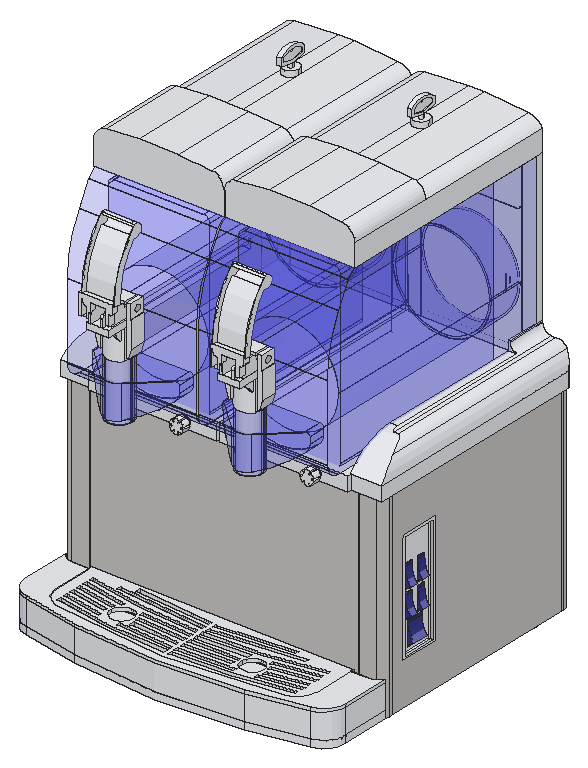
Revit family "QF_ELECTROLUXPROFESSIONAL_560101_SP2NewUV", category Specialty Equipment, Revit 2018 (continued)
Lines and regions (mm)
  symbolic lines
    curve 11: arc (-117.634, -221.255, 14) -> (0, -230, 14) -> (117.634, -221.255, 14) r 795.559
    curve 12: line (2.783, -161.117, 14) -> (2.783, -167.117, 14)
    curve 13: line (2.783, -172.117, 14) -> (2.783, -178.117, 14)
    curve 14: line (2.783, -183.117, 14) -> (2.783, -189.117, 14)
    curve 15: line (2.783, -194.117, 14) -> (2.783, -200.117, 14)
    curve 16: line (2.783, -205.117, 14) -> (2.783, -211.117, 14)
    curve 17: arc (2.783, -211.117, 14) -> (35.925, -210.286, 14) -> (69, -208.033, 14) r 772.106
    curve 18: arc (164.485, -187.256, 14) -> (137.825, -192.623, 14) -> (110.991, -197.04, 14) r 766.106
    curve 19: arc (2.783, -200.117, 14) -> (35.926, -199.274, 14) -> (69, -196.988, 14) r 761.106
    curve 20: arc (69, -190.963, 14) -> (35.926, -193.267, 14) -> (2.783, -194.117, 14) r 755.106
    curve 21: arc (2.783, -189.117, 14) -> (35.228, -188.295, 14) -> (67.608, -186.069, 14) r 750.106
    curve 22: arc (62.063, -180.53, 14) -> (32.449, -182.414, 14) -> (2.783, -183.117, 14) r 744.106
    curve 23: arc (2.783, -178.117, 14) -> (30.123, -177.508, 14) -> (57.422, -175.888, 14) r 739.106
    curve 24: arc (51.822, -170.288, 14) -> (27.318, -171.613, 14) -> (2.783, -172.117, 14) r 733.106
    curve 25: arc (2.783, -167.117, 14) -> (24.968, -166.694, 14) -> (47.129, -165.595, 14) r 728.106
    curve 26: arc (41.464, -159.931, 14) -> (22.132, -160.783, 14) -> (2.783, -161.117, 14) r 722.106
    curve 27: arc (2.783, -156.117, 14) -> (19.755, -155.85, 14) -> (36.715, -155.182, 14) r 717.106
    curve 28: line (164.485, -193.398, 14) -> (164.485, -187.256, 14)
    curve 29: line (164.485, -182.136, 14) -> (164.485, -175.99, 14)
    curve 30: line (164.485, -170.866, 14) -> (164.485, -164.715, 14)
    curve 31: line (164.485, -159.587, 14) -> (164.485, -153.432, 14)
    curve 32: arc (164.485, -153.432, 14) -> (152.163, -156.157, 14) -> (139.797, -158.67, 14) r 733.106
    curve 33: arc (164.485, -164.715, 14) -> (145.534, -168.752, 14) -> (126.484, -172.294, 14) r 744.106
    curve 34: arc (164.485, -175.99, 14) -> (138.736, -181.268, 14) -> (112.82, -185.647, 14) r 755.106
    curve 35: arc (132.277, -166.189, 14) -> (148.418, -163.067, 14) -> (164.485, -159.587, 14) r 739.106
    curve 36: arc (118.814, -179.653, 14) -> (141.717, -175.613, 14) -> (164.485, -170.866, 14) r 750.106
    curve 37: arc (111, -191.985, 14) -> (137.83, -187.538, 14) -> (164.485, -182.136, 14) r 761.106
    curve 38: arc (69, -202.009, 14) -> (35.925, -204.28, 14) -> (2.783, -205.117, 14) r 766.106
    curve 39: arc (111.004, -203.101, 14) -> (137.83, -198.721, 14) -> (164.485, -193.398, 14) r 772.106
    curve 40: line (97.267, -160.486, 14) -> (97.267, -153, 14)
    curve 41: line (82.733, -160.486, 14) -> (82.733, -153, 14)
    curve 42: arc (105.17, -170.997, 14) -> (90.017, -158.677, 14) -> (74.837, -170.964, 14) r 15.5
    curve 43: line (-7, -121.793, 14) -> (9.534, -121.793, 14)
    curve 44: line (-7, -137.647, 14) -> (9.534, -137.647, 14)
    curve 45: line (2.783, -161.117, 14) -> (2.783, -113, 14)
    curve 46: line (-180.657, -118, 14) -> (-180.657, -174.118, 14)
    curve 47: arc (-180.657, -174.118, 14) -> (-173.912, -193.071, 14) -> (-156.71, -203.501, 14) r 30
    curve 48: line (-2.783, -161.117, 14) -> (-2.783, -167.117, 14)
    curve 49: line (-2.783, -172.117, 14) -> (-2.783, -178.117, 14)
    curve 50: line (-2.783, -183.117, 14) -> (-2.783, -189.117, 14)
    curve 51: line (-2.783, -194.117, 14) -> (-2.783, -200.117, 14)
    curve 52: line (-2.783, -205.117, 14) -> (-2.783, -211.117, 14)
    curve 53: arc (-2.783, -211.117, 14) -> (-35.925, -210.286, 14) -> (-69, -208.033, 14) r 772.106
    curve 54: arc (-164.485, -187.256, 14) -> (-137.825, -192.623, 14) -> (-110.991, -197.04, 14) r 766.106
    curve 55: arc (-2.783, -200.117, 14) -> (-35.926, -199.274, 14) -> (-69, -196.988, 14) r 761.106
    curve 56: arc (-69, -190.963, 14) -> (-35.926, -193.267, 14) -> (-2.783, -194.117, 14) r 755.106
    curve 57: arc (-2.783, -189.117, 14) -> (-35.307, -188.291, 14) -> (-67.764, -186.055, 14) r 750.106
    curve 58: arc (-62.01, -180.534, 14) -> (-32.422, -182.416, 14) -> (-2.783, -183.117, 14) r 744.106
    curve 59: arc (-2.783, -178.117, 14) -> (-30.21, -177.505, 14) -> (-57.595, -175.875, 14) r 739.106
    curve 60: arc (-51.822, -170.288, 14) -> (-27.318, -171.613, 14) -> (-2.783, -172.117, 14) r 733.106
    curve 61: arc (-2.783, -167.117, 14) -> (-24.922, -166.696, 14) -> (-47.037, -165.601, 14) r 728.106
    curve 62: arc (-41.44, -159.932, 14) -> (-22.12, -160.783, 14) -> (-2.783, -161.117, 14) r 722.106
    curve 63: arc (-2.783, -156.117, 14) -> (-19.759, -155.85, 14) -> (-36.723, -155.181, 14) r 717.106
    curve 64: line (-164.485, -193.398, 14) -> (-164.485, -187.256, 14)
    curve 65: line (-164.485, -182.136, 14) -> (-164.485, -175.99, 14)
    curve 66: line (-164.485, -170.866, 14) -> (-164.485, -164.715, 14)
    curve 67: line (-164.485, -159.587, 14) -> (-164.485, -153.432, 14)
    curve 68: arc (-164.485, -153.432, 14) -> (-152.209, -156.147, 14) -> (-139.888, -158.652, 14) r 733.106
    curve 69: arc (-164.485, -164.715, 14) -> (-145.359, -168.786, 14) -> (-126.134, -172.354, 14) r 744.106
    curve 70: arc (-164.485, -175.99, 14) -> (-138.838, -181.249, 14) -> (-113.024, -185.616, 14) r 755.106
    curve 71: arc (-132.258, -166.193, 14) -> (-148.408, -163.069, 14) -> (-164.485, -159.587, 14) r 739.106
    curve 72: arc (-118.936, -179.633, 14) -> (-141.778, -175.602, 14) -> (-164.485, -170.866, 14) r 750.106
    curve 73: arc (-111.098, -191.97, 14) -> (-137.879, -187.529, 14) -> (-164.485, -182.136, 14) r 761.106
    curve 74: arc (-69, -202.009, 14) -> (-35.925, -204.28, 14) -> (-2.783, -205.117, 14) r 766.106
    curve 75: arc (-111.004, -203.101, 14) -> (-137.83, -198.721, 14) -> (-164.485, -193.398, 14) r 772.106
    curve 76: line (-97.267, -160.486, 14) -> (-97.267, -153, 14)
    curve 77: line (-82.733, -160.486, 14) -> (-82.733, -153, 14)
    curve 78: arc (-105.172, -171.007, 14) -> (-90.045, -158.677, 14) -> (-74.846, -170.919, 14) r 15.5
    curve 79: line (-2.783, -161.117, 14) -> (-2.783, -113, 14)
    curve 80: arc (73.294, -216.009, 14) -> (0.004, -219.475, 14) -> (-73.287, -216.01, 14) r 776.665
    curve 81: arc (-111.031, -211.498, 14) -> (-133.93, -207.84, 14) -> (-156.71, -203.501, 14) r 776.665
Dimensions and locks
  plane 4 "FEET" to level = 14 mm
  plane 6 "LEFT" to plane 3 "Center (Left/Right)" to plane 7 "RIGHT" = 223.5 mm, 223.5 mm
  locked: plane 6 "LEFT" to plane 7 "RIGHT" at 447
  plane 7 "RIGHT" to plane 6 "LEFT" = 447 mm
  plane 5 "BACK" to plane 12 "FRONT" = 442 mm
  aligned and locked: level to plane 2 "BASE"
Nested families
  nested 1: "SP2_Vasca_L" at (-89.477, 0, 0), type "SP2_Vasca_L"
  nested 2: "SP2_Vasca_R" at (90.523, 0, 0), type "SP2_Vasca_R"
Connectors
  electrical at (-176.5, -31, 4)
    settings: on Extrusion 9, index 1, voltage 0 V, apparent load 0 VA, apparent load phase1 0 VA, apparent load phase2 0 VA, apparent load phase3 0 VA, power factor 1, load classification "Other", number of poles 1, system type 30, power factor state 1, is connector primary yes, connector utility no, sub classification motor no, connector description "Electrical connection"
  electrical at (-176.5, -31, 4)
    settings: on Extrusion 9, index 2, voltage 0 V, apparent load 0 VA, apparent load phase1 0 VA, apparent load phase2 0 VA, apparent load phase3 0 VA, power factor 1, load classification "Other", number of poles 1, system type 30, power factor state 1, is connector primary no, connector utility no, sub classification motor no, connector description ""
Definition of nested family "SP2_Vasca_L"
  Parameters (values of type "SP2_Vasca_L")
    Weight = 28.00 kg
    Watts = 32.5161 W
    Volts = 230 V
    URL Manufacturer = "http://professional.electrolux.com"
    URL = "http://professional.electrolux.com"
    Steam Supply Size = 0 mm
    Steam Supply Minimum Pressure = 0.0 Pa
    Steam Supply Maximum Pressure = 0.0 Pa
    Steam Pounds per Hour = 0
    Refrigeration Suction Line Size = 0 mm
    Refrigeration Liquid Line Size = 0 mm
    Refrigerant Compressor Remote = yes
    Phase = 1
    Model = "SP1ITNK"
    Manufacturer = "Electrolux"
    Length Actual = 262 mm  # constant formula
    Item Number = "560011"
    Hot Water Size = 0 mm
    Height Actual = 612 mm  # constant formula
    HP = "0.5 HP"
    Gas Size = 0 mm
    Gas KW = 0
    Gas Input Pressure = 0 W
    Description = "1X5 LT BOWL - FROZEN GRANITA AND FROZEN CREAM DISPENSER - 1 INSULATED BOWL - WHITE"
    Depth Actual = 427 mm  # constant formula
    Cycle = 50 Hz
    Condensate Return Size = 0 mm
    Compressed Air Volume = 0.0 L/s
    Compressed Air Size = 0 mm
    Compressed Air Pressure = 0.0 Pa
    Cold Water Size = 0 mm
    Accessory = yes
  Reference planes
    plane 1 "Center (Front/Back)": y = 0
    plane 2 "BASE": z = 0
    plane 3 "Center (Left/Right)": x = 0
    plane 4 "FEET": z = 14
    plane 5 "BACK": y = 212
    plane 6 "LEFT": x = -134.023
    plane 7 "RIGHT": x = 134
    plane 8: y = 169
    plane 9: y = -118.5
    plane 10 "Erogatore": through (0, -232.305, 334.252) normal (0, -0.5736, 0.8192)
    plane 11: y = -81
    plane 12 "BackButton": z = 362.798
    plane 13 "SlopeBack": through (0, 294.5, 470.764) normal (0, 0.9659, 0.2588)
    plane 14 "TOP": z = 640
    plane 15 "FRONT": y = -216
  Forms (mm)
    Extrusion 1, solid
      sketch origin (0, 212, 0) x (-1, 0, 0) y (0, 0, 1)
        loop
          circle (0, 394.542) r 65
        loop
          circle (0, 394.542) r 68
      from -59.276 to -10
    Extrusion 2, solid
      sketch origin (0.189, -212, -123.048) x (-1, 0, 0) y (0, 0, 1)
        loop
          line (41.631, 426.74) -> (42.799, 423.85)
          arc (42.799, 423.85) -> (41.998, 423.46) -> (41.26, 422.962) r 6.382
          line (41.26, 422.962) -> (39.342, 425.418)
          arc (39.342, 425.418) -> (36.964, 422.682) -> (35.784, 419.255) r 9.498
          line (35.784, 419.255) -> (38.87, 418.821)
          arc (38.87, 418.821) -> (38.808, 417.933) -> (38.87, 417.045) r 6.382
          line (38.87, 417.045) -> (35.784, 416.611)
          arc (35.784, 416.611) -> (36.964, 413.184) -> (39.342, 410.449) r 9.498
          line (39.342, 410.449) -> (41.26, 412.904)
          arc (41.26, 412.904) -> (41.998, 412.406) -> (42.799, 412.016) r 6.382
          line (42.799, 412.016) -> (41.631, 409.127)
          arc (41.631, 409.127) -> (45.189, 408.435) -> (48.747, 409.127) r 9.498
          line (48.747, 409.127) -> (47.58, 412.016)
          arc (47.58, 412.016) -> (48.38, 412.406) -> (49.118, 412.904) r 6.382
          line (49.118, 412.904) -> (51.037, 410.449)
          arc (51.037, 410.449) -> (53.415, 413.184) -> (54.595, 416.611) r 9.498
          line (54.595, 416.611) -> (51.509, 417.045)
          arc (51.509, 417.045) -> (51.571, 417.933) -> (51.509, 418.821) r 6.382
          line (51.509, 418.821) -> (54.595, 419.255)
          arc (54.595, 419.255) -> (53.415, 422.682) -> (51.037, 425.418) r 9.498
          line (51.037, 425.418) -> (49.118, 422.962)
          arc (49.118, 422.962) -> (48.38, 423.46) -> (47.58, 423.85) r 6.382
          line (47.58, 423.85) -> (48.747, 426.74)
          arc (48.747, 426.74) -> (45.189, 427.431) -> (41.631, 426.74) r 9.498
      from 74.796 to 85.6
    Extrusion 3, solid
      sketch origin (0, 48.357, 801) x (-1, 0, 0) y (0, -1, 0)
        loop
          circle (0, 226.958) r 15.5
      from -371.98 to -493
    Extrusion 4, solid
      sketch origin (0, 48.357, 801) x (-1, 0, 0) y (0, -1, 0)
        loop
          circle (0, 226.958) r 18
        loop
          circle (0, 226.958) r 16
      from -413.102 to -493
    Extrusion 5, solid
      sketch origin (0, 48.357, 801) x (-1, 0, 0) y (0, -1, 0)
        loop
          arc (-15.227, 216.452) -> (0, 208.458) -> (15.227, 216.452) r 18.5
          line (15.227, 216.452) -> (15.227, 237.464)
          arc (15.227, 237.464) -> (0, 245.458) -> (-15.227, 237.464) r 18.5
          line (-15.227, 237.464) -> (-15.227, 216.452)
      from -371.98 to -413.102
    Extrusion 6, solid
      sketch origin (0, 55.382, 805.556) x (-1, 0, 0) y (0, -1, 0)
        loop
          line (15.227, 271.382) -> (-15.227, 271.382) -> (-15.227, 213.658) -> (15.227, 213.658) -> (15.227, 271.382)
      from -368.017 to -376.536
    Extrusion 7, solid
      sketch origin (0, 53.382, -125.444) x (0, 1, 0) y (0, 0, 1)
        loop
          line (-261.382, 594.51) -> (-261.382, 596.294)
          arc (-261.382, 596.294) -> (-255.05, 633.384) -> (-236.771, 666.272) r 111.793
          arc (-236.771, 666.272) -> (-224.219, 671.737) -> (-234.339, 680.956) r 8.155
          arc (-234.339, 680.956) -> (-260.275, 642.108) -> (-269.382, 596.294) r 119.793
          line (-269.382, 596.294) -> (-269.382, 594.51) -> (-261.382, 594.51)
      from 23.02 to -23.02
    Extrusion 8, void
      sketch origin (0, -212, -130.102) x (-1, 0, 0) y (0, 0, 1)
        loop
          line (-23.02, 594.51) -> (-23.02, 567.641) -> (-15.227, 567.641) -> (-15.227, 586.659)
          arc (-15.227, 586.659) -> (-20.449, 589.269) -> (-23.02, 594.51) r 9.122
        loop
          arc (23.02, 594.51) -> (20.449, 589.269) -> (15.227, 586.659) r 9.122
          line (15.227, 586.659) -> (15.227, 567.641) -> (23.02, 567.641) -> (23.02, 594.51)
        loop
          line (-10.018, 592.641) -> (-10.018, 567.641) -> (9.982, 567.641) -> (9.982, 592.641) -> (-10.018, 592.641)
      from 4 to -4
    Extrusion 9, void
      sketch origin (0, 53.382, -125.444) x (0, 1, 0) y (0, 0, 1)
        loop
          arc (-238.506, 676.569) -> (-261.397, 639.298) -> (-269.382, 596.294) r 119.793
          line (-269.382, 596.294) -> (-262.382, 596.294)
          arc (-262.382, 596.294) -> (-255.831, 634.173) -> (-236.94, 667.653) r 112.793
          arc (-236.94, 667.653) -> (-225.218, 674.307) -> (-238.506, 676.569) r 7.155
      from 22 to -22
    Extrusion 10, solid
      sketch origin (-134.023, 53.382, -125.444) x (0, 1, 0) y (0, 0, 1)
        loop
          line (-261.382, 596.294) -> (-269.382, 596.294) -> (-269.382, 567.641) -> (-261.382, 567.641) -> (-261.382, 596.294)
      from 154.02 to 107.98
    Extrusion 11, solid
      sketch origin (-134.023, 55.382, -130.102) x (0, 1, 0) y (0, 0, 1)
        loop
          line (-263.382, 567.641) -> (-223.382, 567.641) -> (-223.382, 587.641) -> (-256.513, 587.641)
          arc (-256.513, 587.641) -> (-261.37, 589.653) -> (-263.382, 594.51) r 6.869
          line (-263.382, 594.51) -> (-263.382, 567.641)
      from 115.773 to 107.98
    Extrusion 12, solid
      sketch origin (-134.023, 55.382, -130.102) x (0, 1, 0) y (0, 0, 1)
        loop
          line (-263.382, 567.641) -> (-224.483, 567.641) -> (-224.483, 587.641) -> (-256.513, 587.641)
          arc (-256.513, 587.641) -> (-261.37, 589.653) -> (-263.382, 594.51) r 6.869
          line (-263.382, 594.51) -> (-263.382, 567.641)
      from 115.773 to 121.018
    Extrusion 13, solid
      sketch origin (-134.023, 55.382, -125.444) x (0, 1, 0) y (0, 0, 1)
        loop
          line (-248.575, 539.464) -> (-246.902, 539.464) -> (-246.902, 554.464) -> (-261.615, 554.464) -> (-248.575, 539.464)
      from 115.773 to 118.85
    Extrusion 14, solid
      sketch origin (-134.023, 55.382, -125.444) x (0, 1, 0) y (0, 0, 1)
        loop
          line (-246.902, 554.464) -> (-261.615, 554.464) -> (-248.575, 539.464) -> (-246.902, 539.464) -> (-246.902, 554.464)
      from 143.221 to 146.227
    Extrusion 15, solid
      sketch origin (-134.023, 55.382, -125.444) x (0, 1, 0) y (0, 0, 1)
        loop
          line (-263.382, 562.983) -> (-224.483, 562.983) -> (-224.483, 582.983) -> (-256.513, 582.983)
          arc (-256.513, 582.983) -> (-261.37, 584.995) -> (-263.382, 589.852) r 6.869
          line (-263.382, 589.852) -> (-263.382, 562.983)
      from 141.018 to 146.227
    Extrusion 16, solid
      sketch origin (-134.023, 53.382, -130.102) x (0, 1, 0) y (0, 0, 1)
        loop
          line (-269.382, 567.641) -> (-221.382, 567.641) -> (-221.382, 586.659) -> (-258.382, 586.659)
          arc (-258.382, 586.659) -> (-260.503, 585.78) -> (-261.382, 583.659) r 3
          line (-261.382, 583.659) -> (-261.382, 582.15) -> (-266.382, 582.15)
          arc (-266.382, 582.15) -> (-268.503, 581.271) -> (-269.382, 579.15) r 3
          line (-269.382, 579.15) -> (-269.382, 567.641)
      from 124.546 to 121.018
    Extrusion 17, solid
      sketch origin (-134.023, 65.803, -125.444) x (0, 1, 0) y (0, 0, 1)
        loop
          line (-281.803, 562.983) -> (-234.904, 562.983) -> (-234.904, 582.001) -> (-270.803, 582.001)
          arc (-270.803, 582.001) -> (-272.924, 581.122) -> (-273.803, 579.001) r 3
          line (-273.803, 579.001) -> (-273.803, 577.492) -> (-278.803, 577.492)
          arc (-278.803, 577.492) -> (-280.924, 576.613) -> (-281.803, 574.492) r 3
          line (-281.803, 574.492) -> (-281.803, 562.983)
      from 137.49 to 141.018
    Extrusion 18, solid
      sketch origin (0, -212, -125.444) x (-1, 0, 0) y (0, 0, 1)
        loop
          line (-18, 517.898) -> (-18, 586.659) -> (-23.482, 586.659) -> (-23.482, 567.641) -> (-24.969, 567.641) -> (-24.969, 530.88) -> (-21, 517.898) -> (-18, 517.898)
        loop
          line (18, 517.898) -> (21, 517.898) -> (24.969, 530.88) -> (24.969, 567.641) -> (23.482, 567.641) -> (23.482, 586.659) -> (18, 586.659) -> (18, 517.898)
      from 43.905 to 22.893
    Extrusion 19, solid
      sketch origin (0, 65.803, 805.556) x (-1, 0, 0) y (0, -1, 0)
        loop
          line (-15.227, 254.91) -> (-15.227, 233.898) -> (15.227, 233.898) -> (15.227, 254.91) -> (-15.227, 254.91)
      from -344.341 to -348.017
    Extrusion 20, void
      sketch origin (0, 56.778, -130) x (0, 1, 0) y (0, 0, 1)
        loop
          circle (-234.353, 582.005) r 3.978
      from 24.969 to -24.969
    Extrusion 21, solid
      sketch origin (0, 56.226, -130) x (0, 1, 0) y (0, 0, 1)
        loop
          circle (-234.353, 582.005) r 3.978
      from 24 to -24
    Extrusion 22, void
      sketch origin (-27, 240.916, -119) x (0, 0, 1) y (-1, 0, 0)
        loop
          line (496.312, -81.169) -> (519.521, -81.169)
          arc (519.521, -81.169) -> (523.021, -77.669) -> (519.521, -74.169) r 3.5
          line (519.521, -74.169) -> (496.312, -74.169)
          arc (496.312, -74.169) -> (492.812, -77.669) -> (496.312, -81.169) r 3.5
      from 28.916 to 38.079
    Extrusion 23, solid
      sketch origin (-27, 240.916, -119) x (0, 0, 1) y (-1, 0, 0)
        loop
          line (507.945, -79.669) -> (517.521, -79.669) -> (517.521, -75.669) -> (507.945, -75.669) -> (507.945, -79.669)
      from 32.664 to 38.079
    Extrusion 24, void
      sketch origin (0, 0, 0) x (0, 1, 0) y (0, 0, 1)
        loop
          line (157, 351) -> (-115.977, 351) -> (-115.977, 306)
          arc (-115.977, 306) -> (-85.566, 329.6) -> (-48, 338) r 88.201
          line (-48, 338) -> (157, 338) -> (157, 351)
      from -135 to 135
    Extrusion 25, solid
      sketch origin (0, 212, 0) x (-1, 0, 0) y (0, 0, 1)
        loop
          circle (0, 394.542) r 68
        loop
          line (69.972, 309) -> (69.972, 543)
          arc (69.972, 543) -> (67.629, 548.657) -> (61.972, 551) r 8
          line (61.972, 551) -> (-62.028, 551)
          arc (-62.028, 551) -> (-67.685, 548.657) -> (-70.028, 543) r 8
          line (-70.028, 543) -> (-70.028, 308.956)
          arc (-70.028, 308.956) -> (-67.698, 303.33) -> (-62.072, 301) r 7.956
          line (-62.072, 301) -> (61.972, 301)
          arc (61.972, 301) -> (67.629, 303.343) -> (69.972, 309) r 8
      from -59.276 to -322.829
    Extrusion 26, solid
      sketch origin (0, 212, 0) x (-1, 0, 0) y (0, 0, 1)
        loop
          line (90.028, 558.048) -> (90.028, 589.456)
          arc (90.028, 589.456) -> (84.981, 602.738) -> (72.387, 609.316) r 20
          arc (72.387, 609.316) -> (49.793, 611.577) -> (27.131, 613) r 613.713
          line (27.131, 613) -> (-27.131, 613)
          arc (-27.131, 613) -> (-49.793, 611.577) -> (-72.387, 609.316) r 613.713
          arc (-72.387, 609.316) -> (-84.981, 602.738) -> (-90.028, 589.456) r 20
          line (-90.028, 589.456) -> (-90.028, 558.048) -> (90.028, 558.048)
      from 0 to -322.829
    Extrusion 27, solid
      sketch origin (0, -212, 0) x (-1, 0, 0) y (0, 0, 1)
        loop
          line (88, 306) -> (-88, 306) -> (-88, 286) -> (88, 286) -> (88, 306)
      from 90.501 to 414
    Extrusion 28, solid
      sketch origin (-0.189, -212, -123.048) x (1, 0, 0) y (0, 0, -1)
        loop
          arc (41.631, -426.74) -> (45.189, -427.431) -> (48.747, -426.74) r 9.498
          line (48.747, -426.74) -> (47.58, -423.85)
          arc (47.58, -423.85) -> (48.38, -423.46) -> (49.118, -422.962) r 6.382
          line (49.118, -422.962) -> (51.037, -425.418)
          arc (51.037, -425.418) -> (53.415, -422.682) -> (54.595, -419.255) r 9.498
          line (54.595, -419.255) -> (51.509, -418.821)
          arc (51.509, -418.821) -> (51.571, -417.933) -> (51.509, -417.045) r 6.382
          line (51.509, -417.045) -> (54.595, -416.611)
          arc (54.595, -416.611) -> (53.415, -413.184) -> (51.037, -410.449) r 9.498
          line (51.037, -410.449) -> (49.118, -412.904)
          arc (49.118, -412.904) -> (48.38, -412.406) -> (47.58, -412.016) r 6.382
          line (47.58, -412.016) -> (48.747, -409.127)
          arc (48.747, -409.127) -> (45.189, -408.435) -> (41.631, -409.127) r 9.498
          line (41.631, -409.127) -> (42.799, -412.016)
          arc (42.799, -412.016) -> (41.998, -412.406) -> (41.26, -412.904) r 6.382
          line (41.26, -412.904) -> (39.342, -410.449)
          arc (39.342, -410.449) -> (36.964, -413.184) -> (35.784, -416.611) r 9.498
          line (35.784, -416.611) -> (38.87, -417.045)
          arc (38.87, -417.045) -> (38.808, -417.933) -> (38.87, -418.821) r 6.382
          line (38.87, -418.821) -> (35.784, -419.255)
          arc (35.784, -419.255) -> (36.964, -422.682) -> (39.342, -425.418) r 9.498
          line (39.342, -425.418) -> (41.26, -422.962)
          arc (41.26, -422.962) -> (41.998, -423.46) -> (42.799, -423.85) r 6.382
          line (42.799, -423.85) -> (41.631, -426.74)
      from 74.796 to 85.6
    Extrusion 29, solid
      sketch origin (-134.023, 55.382, -125.444) x (0, 1, 0) y (0, 0, 1)
        loop
          line (-261.615, 554.464) -> (-248.575, 539.464) -> (-246.902, 539.464) -> (-246.902, 554.464) -> (-261.615, 554.464)
      from 143.221 to 146.227
    Extrusion 30, void
      sketch origin (0, 0, 14) x (-1, 0, 0) y (0, -1, 0)
        loop
          line (68.799, 141.983) -> (68.799, 216) -> (-68.799, 216) -> (-68.799, 141.983) -> (-14.053, 193.527)
          arc (-14.053, 193.527) -> (0, 199.101) -> (14.053, 193.527) r 20.5
          line (14.053, 193.527) -> (68.799, 141.983)
      from 285.914 to 353.792
    Extrusion 31, solid
      sketch origin (0, -212, 0) x (-1, 0, 0) y (0, 0, 1)
        loop
          line (55, 361.368) -> (-55, 361.368)
          arc (-55, 361.368) -> (-58.536, 359.903) -> (-60, 356.368) r 5
          line (-60, 356.368) -> (-60, 346.588)
          arc (-60, 346.588) -> (-58.765, 340.628) -> (-55.264, 335.649) r 15
          arc (-55.264, 335.649) -> (0, 313.78) -> (55.264, 335.649) r 80.762
          arc (55.264, 335.649) -> (58.765, 340.628) -> (60, 346.588) r 15
          line (60, 346.588) -> (60, 356.368)
          arc (60, 356.368) -> (58.536, 359.903) -> (55, 361.368) r 5
      from 85.6 to 6.421
    Extrusion 32, solid
      sketch origin (0.031, 16.704, -263) x (0, 1, 0) y (0, 0, 1)
        loop
          line (99.092, 881.377) -> (118.655, 885.535) -> (118.655, 895.535)
          arc (118.655, 895.535) -> (99.092, 903) -> (79.529, 895.535) r 29.367
          line (79.529, 895.535) -> (79.529, 885.535) -> (99.092, 881.377)
        loop
          arc (115.655, 894.149) -> (99.092, 900) -> (82.529, 894.149) r 26.367
          line (82.529, 894.149) -> (82.529, 887.965) -> (99.092, 884.444) -> (115.655, 887.965) -> (115.655, 894.149)
      from -3 to 3
    Extrusion 33, solid
      sketch origin (0.031, 16.704, -263) x (0, 1, 0) y (0, 0, 1)
        loop
          line (115.655, 887.965) -> (115.655, 894.149)
          arc (115.655, 894.149) -> (99.092, 900) -> (82.529, 894.149) r 26.367
          line (82.529, 894.149) -> (82.529, 887.965) -> (99.092, 884.444) -> (115.655, 887.965)
        loop
          circle (99.092, 896.274) r 2.509
      from 1 to -1
    Extrusion 34, solid
      sketch origin (0.031, 16.704, 667) x (-1, 0, 0) y (0, -1, 0)
        loop
          circle (0, -99.092) r 3
      from -45.737 to -54
    Extrusion 35, solid
      sketch origin (0, -70, 0) x (1, 0, 0) y (0, 1, 0)
        loop
          circle (0.031, 185.796) r 11
      from 606 to 613
    Extrusion 36, solid
      sketch origin (0, 0, 0) x (0, 1, 0) y (0, 0, 1)
        loop
          arc (-158.276, 334.912) -> (-152.418, 320.769) -> (-138.276, 314.912) r 20
          line (-138.276, 314.912) -> (202, 314.912) -> (202, 558.048) -> (-103.948, 558.048)
          arc (-103.948, 558.048) -> (-114.098, 555.281) -> (-121.44, 547.744) r 20
          line (-121.44, 547.744) -> (-138.215, 517.481)
          arc (-138.215, 517.481) -> (-153.18, 479.972) -> (-158.276, 439.912) r 160
          line (-158.276, 439.912) -> (-158.276, 334.912)
      from -88 to 90.028
    Extrusion 37, void
      sketch origin (0, 212, 0) x (-1, 0, 0) y (0, 0, 1)
        loop
          line (90.028, 588.856) -> (96.254, 588.856) -> (96.254, 613.856) -> (-100.028, 613.856) -> (-100.028, 588.856) -> (-90.028, 588.856)
          arc (-90.028, 588.856) -> (-82.37, 597.635) -> (-71.481, 601.774) r 24
          arc (-71.481, 601.774) -> (-41.299, 604.942) -> (-10.969, 606) r 435.39
          line (-10.969, 606) -> (10.969, 606)
          arc (10.969, 606) -> (41.299, 604.942) -> (71.481, 601.774) r 435.39
          arc (71.481, 601.774) -> (82.37, 597.635) -> (90.028, 588.856) r 24
      from 0 to -201.493
    Extrusion 38, solid
      sketch origin (0, 212, 0) x (-1, 0, 0) y (0, 0, 1)
        loop
          line (-90.028, 558.048) -> (-90.028, 286) -> (88, 286) -> (88, 558.048) -> (-90.028, 558.048)
        loop
          arc (61.972, 301) -> (67.629, 303.343) -> (69.972, 309) r 8
          line (69.972, 309) -> (69.972, 543)
          arc (69.972, 543) -> (67.629, 548.657) -> (61.972, 551) r 8
          line (61.972, 551) -> (-62.028, 551)
          arc (-62.028, 551) -> (-67.685, 548.657) -> (-70.028, 543) r 8
          line (-70.028, 543) -> (-70.028, 308.956)
          arc (-70.028, 308.956) -> (-67.698, 303.33) -> (-62.072, 301) r 7.956
          line (-62.072, 301) -> (61.972, 301)
      from 0 to -10
    Extrusion 39, solid
      sketch origin (0, 212, 0) x (-1, 0, 0) y (0, 0, 1)
        loop
          arc (-70.028, 308.956) -> (-67.698, 303.33) -> (-62.072, 301) r 7.956
          line (-62.072, 301) -> (61.972, 301)
          arc (61.972, 301) -> (67.629, 303.343) -> (69.972, 309) r 8
          line (69.972, 309) -> (69.972, 493.849)
          arc (69.972, 493.849) -> (67.629, 488.193) -> (61.972, 485.849) r 8
          line (61.972, 485.849) -> (-62.028, 485.849)
          arc (-62.028, 485.849) -> (-67.685, 488.193) -> (-70.028, 493.849) r 8
          line (-70.028, 493.849) -> (-70.028, 308.956)
      from 0 to -10
    Extrusion 40, solid
      sketch origin (0, 212, 0) x (-1, 0, 0) y (0, 0, 1)
        loop
          line (-70.028, 543) -> (-70.028, 493.849)
          arc (-70.028, 493.849) -> (-67.685, 488.193) -> (-62.028, 485.849) r 8
          line (-62.028, 485.849) -> (61.972, 485.849)
          arc (61.972, 485.849) -> (67.629, 488.193) -> (69.972, 493.849) r 8
          line (69.972, 493.849) -> (69.972, 543)
          arc (69.972, 543) -> (67.629, 548.657) -> (61.972, 551) r 8
          line (61.972, 551) -> (-62.028, 551)
          arc (-62.028, 551) -> (-67.685, 548.657) -> (-70.028, 543) r 8
      from 0 to -10
    Extrusion 41, void
      sketch origin (0, 212, 0) x (-1, 0, 0) y (0, 0, 1)
        loop
          arc (-74.482, 439.575) -> (-77.31, 438.403) -> (-78.482, 435.575) r 4
          line (-78.482, 435.575) -> (-78.482, 426.169)
          arc (-78.482, 426.169) -> (-77.31, 423.34) -> (-74.482, 422.169) r 4
          line (-74.482, 422.169) -> (-42.482, 422.169)
          arc (-42.482, 422.169) -> (-39.653, 423.34) -> (-38.482, 426.169) r 4
          line (-38.482, 426.169) -> (-38.482, 435.575)
          arc (-38.482, 435.575) -> (-39.653, 438.403) -> (-42.482, 439.575) r 4
          line (-42.482, 439.575) -> (-74.482, 439.575)
      from 0 to -2
    Extrusion 42, solid
      sketch origin (0, 212, 0) x (-1, 0, 0) y (0, 0, 1)
        loop
          arc (-74.482, 438.575) -> (-76.603, 437.696) -> (-77.482, 435.575) r 3
          line (-77.482, 435.575) -> (-77.482, 426.169)
          arc (-77.482, 426.169) -> (-76.603, 424.047) -> (-74.482, 423.169) r 3
          line (-74.482, 423.169) -> (-42.482, 423.169)
          arc (-42.482, 423.169) -> (-40.36, 424.047) -> (-39.482, 426.169) r 3
          line (-39.482, 426.169) -> (-39.482, 435.575)
          arc (-39.482, 435.575) -> (-40.36, 437.696) -> (-42.482, 438.575) r 3
          line (-42.482, 438.575) -> (-74.482, 438.575)
      from 0 to -2
    Extrusion 43, void
      sketch origin (0, 212, 0) x (-1, 0, 0) y (0, 0, 1)
        loop
          line (88, 350.533) -> (86, 350.533) -> (86, 286) -> (88, 286) -> (88, 350.533)
      from 0 to -10
    Extrusion 44, solid
      sketch origin (0.189, -212, -123.048) x (-1, 0, 0) y (0, 0, 1)
        loop
          circle (45.189, 417.933) r 6.382
      from 90.501 to 85.6
    Extrusion 45, solid
      sketch origin (-0.189, -212, -123.048) x (1, 0, 0) y (0, 0, -1)
        loop
          circle (45.189, -417.933) r 6.382
      from 85.6 to 90.501
    Extrusion 46, solid
      sketch origin (0, 212, 0) x (1, 0, 0) y (0, 0, -1)
        loop
          line (-88, -286) -> (-131, -286) -> (-131, -306)
          arc (-131, -306) -> (-129.118, -317.88) -> (-123.658, -328.597) r 38.445
          arc (-123.658, -328.597) -> (-117.695, -334.961) -> (-109.296, -337.309) r 16.194
          line (-109.296, -337.309) -> (-102.317, -337.309)
          arc (-102.317, -337.309) -> (-93.627, -340.909) -> (-90.028, -349.598) r 12.289
          line (-90.028, -349.598) -> (-90.028, -351) -> (-88, -351) -> (-88, -286)
      from 0 to -327.977
    Extrusion 47, void
      sketch origin (89.477, 0, 0) x (-1, 0, 0) y (0, -1, 0)
        loop
          line (210.523, -212) -> (223.5, -212) -> (223.5, -199.023)
          arc (223.5, -199.023) -> (219.699, -208.199) -> (210.523, -212) r 12.977
      from 338 to 286
  Cuts and joins
    Extrusion 8 cuts Extrusion 6
    Extrusion 8, Extrusion 9 cuts Extrusion 7
    Extrusion 8 cuts Extrusion 10
    joined: Extrusion 7, Extrusion 10, Extrusion 11
    joined: Extrusion 5, Extrusion 14
    Extrusion 20 cuts Extrusion 12
    Extrusion 20 cuts Extrusion 15
    Extrusion 20 cuts Extrusion 16
    Extrusion 20 cuts Extrusion 17
    Extrusion 20 cuts Extrusion 18
    Extrusion 22 cuts Extrusion 25
    Extrusion 30 cuts Extrusion 31
    Extrusion 22, Extrusion 41, Extrusion 43 cuts Extrusion 38
    Extrusion 22, Extrusion 41 cuts Extrusion 39
    Extrusion 37 cuts Extrusion 26
    Extrusion 24, Extrusion 47 cuts Extrusion 46
  Lines and regions (mm)
    symbolic lines
      curve 1: line (89.477, 212, 14) -> (89.477, 30.512, 14)
      curve 2: arc (89.477, 30.512, 14) -> (83.619, 16.37, 14) -> (69.477, 10.512, 14) r 20
      curve 3: arc (-90.523, 30.512, 14) -> (-84.665, 16.37, 14) -> (-70.523, 10.512, 14) r 20
      curve 4: line (-90.523, 30.512, 14) -> (-90.523, -113, 14)
      curve 5: line (2.977, 135.359, 14) -> (-3.023, 135.359, 14)
      curve 6: line (2.977, 96.233, 14) -> (2.977, 135.359, 14)
      curve 7: line (-3.023, 96.233, 14) -> (2.977, 96.233, 14)
      curve 8: line (-3.023, 135.359, 14) -> (-3.023, 96.233, 14)
      curve 9: arc (2.977, 105.213, 14) -> (10.977, 115.796, 14) -> (2.977, 126.379, 14) r 11
      curve 10: arc (-3.023, 126.379, 14) -> (-11.023, 115.796, 14) -> (-3.023, 105.213, 14) r 11
      curve 11: arc (89.477, -93, 14) -> (82.183, -87.573, 14) -> (73.338, -85.474, 14) r 22.513
      curve 12: arc (-90.523, -93, 14) -> (-83.229, -87.573, 14) -> (-74.384, -85.474, 14) r 22.513
      curve 13: arc (73.338, -85.474, 14) -> (-0.523, -83, 14) -> (-74.384, -85.474, 14) r 1103.745
      curve 14: line (-0.523, -113, 14) -> (-0.523, -171, 14)
      curve 15: line (82.477, -113, 14) -> (82.477, -153, 14)
      curve 16: line (-80.989, -113, 14) -> (-80.989, -153, 14)
      curve 17: line (-80.989, -153, 14) -> (82.477, -153, 14)
      curve 18: line (-50.989, -153, 14) -> (-21.523, -182.466, 14)
      curve 19: line (20.477, -216, 14) -> (-21.523, -216, 14)
      curve 20: line (-21.523, -216, 14) -> (-21.523, -171, 14)
      curve 21: line (-21.523, -171, 14) -> (20.477, -171, 14)
      curve 22: line (-16.523, -216, 14) -> (-16.523, -181, 14)
      curve 23: line (-16.523, -181, 14) -> (14.477, -181, 14)
      curve 24: line (14.477, -196, 14) -> (-16.523, -196, 14)
      curve 25: line (-55.989, -153, 14) -> (-21.523, -187.466, 14)
      curve 26: line (49.943, -153, 14) -> (20.477, -182.466, 14)
      curve 27: line (54.943, -153, 14) -> (20.477, -187.466, 14)
      curve 28: line (20.477, -216, 14) -> (20.477, -171, 14)
      curve 29: line (14.477, -216, 14) -> (14.477, -181, 14)
      curve 30: line (-121.046, 212, 14) -> (89.477, 212, 14)
      curve 31: line (-90.523, 212, 14) -> (-90.523, 30.512, 14)
      curve 32: line (-90.523, -113, 14) -> (89.477, -113, 14)
      curve 33: line (89.477, -113, 14) -> (89.477, 30.512, 14)
      curve 34: line (-70.523, 10.512, 0) -> (69.477, 10.512, 0)
      curve 35: arc (-114.023, -118, 14) -> (-128.165, -112.142, 14) -> (-134.023, -98, 14) r 20
      curve 36: line (-112.023, 212, 14) -> (-112.023, -50, 14)
      curve 37: line (-112.023, -50, 14) -> (-129.023, -50, 14)
      curve 38: line (-129.023, -50, 14) -> (-129.023, 209.259, 14)
      curve 39: arc (-121.046, 212, 14) -> (-130.222, 208.199, 14) -> (-134.023, 199.023, 14) r 12.977
      curve 40: line (-112.023, -50, 14) -> (-112.023, -67.775, 14)
      curve 41: arc (-112.023, -67.775, 14) -> (-113.99, -92.763, 14) -> (-119.841, -117.135, 14) r 159.732
      curve 42: line (-129.023, -50, 14) -> (-134.023, -85.577, 14)
      curve 43: line (-90.523, 157, 14) -> (-105.523, 157, 14)
      curve 44: line (-105.523, 157, 14) -> (-105.523, -88, 14)
      curve 45: arc (-105.523, -88, 14) -> (-104.059, -99.123, 14) -> (-99.765, -109.488, 14) r 42.977
      curve 46: line (-99.765, -109.488, 14) -> (-90.523, -109.488, 14)
      curve 47: line (-134.023, 199.023, 14) -> (-134.023, -98, 14)
      curve 48: line (-80.989, -118, 14) -> (-114.023, -118, 14)
  Dimensions and locks
    plane 4 "FEET" to level = 14 mm
    plane 6 "LEFT" to plane 3 "Center (Left/Right)" to plane 7 "RIGHT" = 134.023 mm, 134 mm
    plane 5 "BACK" to plane 1 "Center (Front/Back)" = 212 mm
    plane 6 "LEFT" to plane 7 "RIGHT" = 268.023 mm
    plane 5 "BACK" to plane 8 = 43 mm
    plane 8 to plane 11 = 250 mm
    plane 14 "TOP" to level = 640 mm
    plane 15 "FRONT" to plane 5 "BACK" = 428 mm
    plane 5 "BACK" to plane 15 "FRONT" = 428 mm
    Extrusion 35 to level = 613 mm
    Extrusion 35 to level = 606 mm
    aligned and locked: level to plane 2 "BASE"
Definition of nested family "SP2_Vasca_R"
  Parameters (values of type "SP2_Vasca_R")
    Weight = 28.00 kg
    Watts = 32.5161 W
    Volts = 230 V
    URL Manufacturer = "http://professional.electrolux.com"
    URL = "http://professional.electrolux.com"
    Steam Supply Size = 0 mm
    Steam Supply Minimum Pressure = 0.0 Pa
    Steam Supply Maximum Pressure = 0.0 Pa
    Steam Pounds per Hour = 0
    Refrigeration Suction Line Size = 0 mm
    Refrigeration Liquid Line Size = 0 mm
    Refrigerant Compressor Remote = yes
    Phase = 1
    Model = "SP1ITNK"
    Manufacturer = "Electrolux"
    Length Actual = 262 mm  # constant formula
    Item Number = "560011"
    Hot Water Size = 0 mm
    Height Actual = 612 mm  # constant formula
    HP = "0.5 HP"
    Gas Size = 0 mm
    Gas KW = 0
    Gas Input Pressure = 0 W
    Description = "1X5 LT BOWL - FROZEN GRANITA AND FROZEN CREAM DISPENSER - 1 INSULATED BOWL - WHITE"
    Depth Actual = 427 mm  # constant formula
    Cycle = 50 Hz
    Condensate Return Size = 0 mm
    Compressed Air Volume = 0.0 L/s
    Compressed Air Size = 0 mm
    Compressed Air Pressure = 0.0 Pa
    Cold Water Size = 0 mm
    Accessory = yes
  Reference planes
    plane 1 "Center (Front/Back)": y = 0
    plane 2 "BASE": z = 0
    plane 3 "Center (Left/Right)": x = 0
    plane 4 "FEET": z = 14
    plane 5 "BACK": y = 212
    plane 6 "LEFT": x = -133
    plane 7 "RIGHT": x = 133
    plane 8: y = 169
    plane 9: y = -118.5
    plane 10 "Erogatore": through (0, -232.305, 334.252) normal (0, -0.5736, 0.8192)
    plane 11: y = -81
    plane 12 "BackButton": z = 362.798
    plane 13 "SlopeBack": through (0, 294.5, 470.764) normal (0, 0.9659, 0.2588)
    plane 14 "TOP": z = 640
    plane 15 "FRONT": y = -216
  Forms (mm)
    Extrusion 1, solid
      sketch origin (0, 212, 0) x (-1, 0, 0) y (0, 0, 1)
        loop
          circle (0, 394.542) r 65
        loop
          circle (0, 394.542) r 68
      from -59.276 to -10
    Extrusion 2, solid
      sketch origin (0.189, -212, -123.048) x (-1, 0, 0) y (0, 0, 1)
        loop
          line (41.631, 426.74) -> (42.799, 423.85)
          arc (42.799, 423.85) -> (41.998, 423.46) -> (41.26, 422.962) r 6.382
          line (41.26, 422.962) -> (39.342, 425.418)
          arc (39.342, 425.418) -> (36.964, 422.682) -> (35.784, 419.255) r 9.498
          line (35.784, 419.255) -> (38.87, 418.821)
          arc (38.87, 418.821) -> (38.808, 417.933) -> (38.87, 417.045) r 6.382
          line (38.87, 417.045) -> (35.784, 416.611)
          arc (35.784, 416.611) -> (36.964, 413.184) -> (39.342, 410.449) r 9.498
          line (39.342, 410.449) -> (41.26, 412.904)
          arc (41.26, 412.904) -> (41.998, 412.406) -> (42.799, 412.016) r 6.382
          line (42.799, 412.016) -> (41.631, 409.127)
          arc (41.631, 409.127) -> (45.189, 408.435) -> (48.747, 409.127) r 9.498
          line (48.747, 409.127) -> (47.58, 412.016)
          arc (47.58, 412.016) -> (48.38, 412.406) -> (49.118, 412.904) r 6.382
          line (49.118, 412.904) -> (51.037, 410.449)
          arc (51.037, 410.449) -> (53.415, 413.184) -> (54.595, 416.611) r 9.498
          line (54.595, 416.611) -> (51.509, 417.045)
          arc (51.509, 417.045) -> (51.571, 417.933) -> (51.509, 418.821) r 6.382
          line (51.509, 418.821) -> (54.595, 419.255)
          arc (54.595, 419.255) -> (53.415, 422.682) -> (51.037, 425.418) r 9.498
          line (51.037, 425.418) -> (49.118, 422.962)
          arc (49.118, 422.962) -> (48.38, 423.46) -> (47.58, 423.85) r 6.382
          line (47.58, 423.85) -> (48.747, 426.74)
          arc (48.747, 426.74) -> (45.189, 427.431) -> (41.631, 426.74) r 9.498
      from 74.796 to 85.6
    Extrusion 3, solid
      sketch origin (0, 48.357, 801) x (-1, 0, 0) y (0, -1, 0)
        loop
          circle (0, 226.958) r 15.5
      from -371.98 to -493
    Extrusion 4, solid
      sketch origin (0, 48.357, 801) x (-1, 0, 0) y (0, -1, 0)
        loop
          circle (0, 226.958) r 18
        loop
          circle (0, 226.958) r 16
      from -413.102 to -493
    Extrusion 5, solid
      sketch origin (0, 48.357, 801) x (-1, 0, 0) y (0, -1, 0)
        loop
          arc (-15.227, 216.452) -> (0, 208.458) -> (15.227, 216.452) r 18.5
          line (15.227, 216.452) -> (15.227, 237.464)
          arc (15.227, 237.464) -> (0, 245.458) -> (-15.227, 237.464) r 18.5
          line (-15.227, 237.464) -> (-15.227, 216.452)
      from -371.98 to -413.102
    Extrusion 6, solid
      sketch origin (0, 55.382, 805.556) x (-1, 0, 0) y (0, -1, 0)
        loop
          line (15.227, 271.382) -> (-15.227, 271.382) -> (-15.227, 213.658) -> (15.227, 213.658) -> (15.227, 271.382)
      from -368.017 to -376.536
    Extrusion 7, solid
      sketch origin (0, 53.382, -125.444) x (0, 1, 0) y (0, 0, 1)
        loop
          line (-261.382, 594.51) -> (-261.382, 596.294)
          arc (-261.382, 596.294) -> (-255.05, 633.384) -> (-236.771, 666.272) r 111.793
          arc (-236.771, 666.272) -> (-224.219, 671.737) -> (-234.339, 680.956) r 8.155
          arc (-234.339, 680.956) -> (-260.275, 642.108) -> (-269.382, 596.294) r 119.793
          line (-269.382, 596.294) -> (-269.382, 594.51) -> (-261.382, 594.51)
      from 23.02 to -23.02
    Extrusion 8, void
      sketch origin (0, -212, -130.102) x (-1, 0, 0) y (0, 0, 1)
        loop
          line (-23.02, 594.51) -> (-23.02, 567.641) -> (-15.227, 567.641) -> (-15.227, 586.659)
          arc (-15.227, 586.659) -> (-20.449, 589.269) -> (-23.02, 594.51) r 9.122
        loop
          arc (23.02, 594.51) -> (20.449, 589.269) -> (15.227, 586.659) r 9.122
          line (15.227, 586.659) -> (15.227, 567.641) -> (23.02, 567.641) -> (23.02, 594.51)
        loop
          line (-10.018, 592.641) -> (-10.018, 567.641) -> (9.982, 567.641) -> (9.982, 592.641) -> (-10.018, 592.641)
      from 4 to -4
    Extrusion 9, void
      sketch origin (0, 53.382, -125.444) x (0, 1, 0) y (0, 0, 1)
        loop
          arc (-238.506, 676.569) -> (-261.397, 639.298) -> (-269.382, 596.294) r 119.793
          line (-269.382, 596.294) -> (-262.382, 596.294)
          arc (-262.382, 596.294) -> (-255.831, 634.173) -> (-236.94, 667.653) r 112.793
          arc (-236.94, 667.653) -> (-225.218, 674.307) -> (-238.506, 676.569) r 7.155
      from 22 to -22
    Extrusion 10, solid
      sketch origin (-133, 53.382, -125.444) x (0, 1, 0) y (0, 0, 1)
        loop
          line (-261.382, 596.294) -> (-269.382, 596.294) -> (-269.382, 567.641) -> (-261.382, 567.641) -> (-261.382, 596.294)
      from 154.02 to 107.98
    Extrusion 11, solid
      sketch origin (-133, 55.382, -130.102) x (0, 1, 0) y (0, 0, 1)
        loop
          line (-263.382, 567.641) -> (-223.382, 567.641) -> (-223.382, 587.641) -> (-256.513, 587.641)
          arc (-256.513, 587.641) -> (-261.37, 589.653) -> (-263.382, 594.51) r 6.869
          line (-263.382, 594.51) -> (-263.382, 567.641)
      from 115.773 to 107.98
    Extrusion 12, solid
      sketch origin (-133, 55.382, -130.102) x (0, 1, 0) y (0, 0, 1)
        loop
          line (-263.382, 567.641) -> (-224.483, 567.641) -> (-224.483, 587.641) -> (-256.513, 587.641)
          arc (-256.513, 587.641) -> (-261.37, 589.653) -> (-263.382, 594.51) r 6.869
          line (-263.382, 594.51) -> (-263.382, 567.641)
      from 115.773 to 121.018
    Extrusion 13, solid
      sketch origin (-133, 55.382, -125.444) x (0, 1, 0) y (0, 0, 1)
        loop
          line (-248.575, 539.464) -> (-246.902, 539.464) -> (-246.902, 554.464) -> (-261.615, 554.464) -> (-248.575, 539.464)
      from 115.773 to 118.85
    Extrusion 14, solid
      sketch origin (-133, 55.382, -125.444) x (0, 1, 0) y (0, 0, 1)
        loop
          line (-246.902, 554.464) -> (-261.615, 554.464) -> (-248.575, 539.464) -> (-246.902, 539.464) -> (-246.902, 554.464)
      from 143.221 to 146.227
    Extrusion 15, solid
      sketch origin (-133, 55.382, -125.444) x (0, 1, 0) y (0, 0, 1)
        loop
          line (-263.382, 562.983) -> (-224.483, 562.983) -> (-224.483, 582.983) -> (-256.513, 582.983)
          arc (-256.513, 582.983) -> (-261.37, 584.995) -> (-263.382, 589.852) r 6.869
          line (-263.382, 589.852) -> (-263.382, 562.983)
      from 141.018 to 146.227
    Extrusion 16, solid
      sketch origin (-133, 53.382, -130.102) x (0, 1, 0) y (0, 0, 1)
        loop
          line (-269.382, 567.641) -> (-221.382, 567.641) -> (-221.382, 586.659) -> (-258.382, 586.659)
          arc (-258.382, 586.659) -> (-260.503, 585.78) -> (-261.382, 583.659) r 3
          line (-261.382, 583.659) -> (-261.382, 582.15) -> (-266.382, 582.15)
          arc (-266.382, 582.15) -> (-268.503, 581.271) -> (-269.382, 579.15) r 3
          line (-269.382, 579.15) -> (-269.382, 567.641)
      from 124.546 to 121.018
    Extrusion 17, solid
      sketch origin (-133, 65.803, -125.444) x (0, 1, 0) y (0, 0, 1)
        loop
          line (-281.803, 562.983) -> (-234.904, 562.983) -> (-234.904, 582.001) -> (-270.803, 582.001)
          arc (-270.803, 582.001) -> (-272.924, 581.122) -> (-273.803, 579.001) r 3
          line (-273.803, 579.001) -> (-273.803, 577.492) -> (-278.803, 577.492)
          arc (-278.803, 577.492) -> (-280.924, 576.613) -> (-281.803, 574.492) r 3
          line (-281.803, 574.492) -> (-281.803, 562.983)
      from 137.49 to 141.018
    Extrusion 18, solid
      sketch origin (0, -212, -125.444) x (-1, 0, 0) y (0, 0, 1)
        loop
          line (-18, 517.898) -> (-18, 586.659) -> (-23.482, 586.659) -> (-23.482, 567.641) -> (-24.969, 567.641) -> (-24.969, 530.88) -> (-21, 517.898) -> (-18, 517.898)
        loop
          line (18, 517.898) -> (21, 517.898) -> (24.969, 530.88) -> (24.969, 567.641) -> (23.482, 567.641) -> (23.482, 586.659) -> (18, 586.659) -> (18, 517.898)
      from 43.905 to 22.893
    Extrusion 19, solid
      sketch origin (0, 65.803, 805.556) x (-1, 0, 0) y (0, -1, 0)
        loop
          line (-15.227, 254.91) -> (-15.227, 233.898) -> (15.227, 233.898) -> (15.227, 254.91) -> (-15.227, 254.91)
      from -344.341 to -348.017
    Extrusion 20, void
      sketch origin (0, 56.778, -130) x (0, 1, 0) y (0, 0, 1)
        loop
          circle (-234.353, 582.005) r 3.978
      from 24.969 to -24.969
    Extrusion 21, solid
      sketch origin (0, 56.226, -130) x (0, 1, 0) y (0, 0, 1)
        loop
          circle (-234.353, 582.005) r 3.978
      from 24 to -24
    Extrusion 22, void
      sketch origin (-27, 240.916, -119) x (0, 0, 1) y (-1, 0, 0)
        loop
          line (496.312, -81.169) -> (519.521, -81.169)
          arc (519.521, -81.169) -> (523.021, -77.669) -> (519.521, -74.169) r 3.5
          line (519.521, -74.169) -> (496.312, -74.169)
          arc (496.312, -74.169) -> (492.812, -77.669) -> (496.312, -81.169) r 3.5
      from 28.916 to 38.079
    Extrusion 23, solid
      sketch origin (-27, 240.916, -119) x (0, 0, 1) y (-1, 0, 0)
        loop
          line (507.945, -79.669) -> (517.521, -79.669) -> (517.521, -75.669) -> (507.945, -75.669) -> (507.945, -79.669)
      from 32.664 to 38.079
    Extrusion 24, solid
      sketch origin (0, 212, 0) x (-1, 0, 0) y (0, 0, 1)
        loop
          line (-88, 286) -> (-88, 351) -> (-90.028, 351) -> (-90.028, 349.598)
          arc (-90.028, 349.598) -> (-93.627, 340.909) -> (-102.317, 337.309) r 12.289
          line (-102.317, 337.309) -> (-109.296, 337.309)
          arc (-109.296, 337.309) -> (-117.695, 334.961) -> (-123.658, 328.597) r 16.194
          arc (-123.658, 328.597) -> (-129.118, 317.88) -> (-131, 306) r 38.445
          line (-131, 306) -> (-131, 286) -> (-88, 286)
      from 0 to -327.977
    Extrusion 25, void
      sketch origin (0, 0, 0) x (0, 1, 0) y (0, 0, 1)
        loop
          line (157, 351) -> (-115.977, 351) -> (-115.977, 306)
          arc (-115.977, 306) -> (-85.566, 329.6) -> (-48, 338) r 88.201
          line (-48, 338) -> (157, 338) -> (157, 351)
      from -135 to 135
    Extrusion 26, solid
      sketch origin (0, 212, 0) x (-1, 0, 0) y (0, 0, 1)
        loop
          circle (0, 394.542) r 68
        loop
          line (69.972, 309) -> (69.972, 543)
          arc (69.972, 543) -> (67.629, 548.657) -> (61.972, 551) r 8
          line (61.972, 551) -> (-62.028, 551)
          arc (-62.028, 551) -> (-67.685, 548.657) -> (-70.028, 543) r 8
          line (-70.028, 543) -> (-70.028, 308.956)
          arc (-70.028, 308.956) -> (-67.698, 303.33) -> (-62.072, 301) r 7.956
          line (-62.072, 301) -> (61.972, 301)
          arc (61.972, 301) -> (67.629, 303.343) -> (69.972, 309) r 8
      from -59.276 to -322.829
    Extrusion 27, solid
      sketch origin (0, 212, 0) x (-1, 0, 0) y (0, 0, 1)
        loop
          line (90.028, 558.048) -> (90.028, 589.456)
          arc (90.028, 589.456) -> (84.981, 602.738) -> (72.387, 609.316) r 20
          arc (72.387, 609.316) -> (49.793, 611.577) -> (27.131, 613) r 613.713
          line (27.131, 613) -> (-27.131, 613)
          arc (-27.131, 613) -> (-49.793, 611.577) -> (-72.387, 609.316) r 613.713
          arc (-72.387, 609.316) -> (-84.981, 602.738) -> (-90.028, 589.456) r 20
          line (-90.028, 589.456) -> (-90.028, 558.048) -> (90.028, 558.048)
      from 0 to -322.829
    Extrusion 28, solid
      sketch origin (0, -212, 0) x (-1, 0, 0) y (0, 0, 1)
        loop
          line (88, 306) -> (-88, 306) -> (-88, 286) -> (88, 286) -> (88, 306)
      from 90.501 to 414
    Extrusion 29, solid
      sketch origin (-0.189, -212, -123.048) x (1, 0, 0) y (0, 0, -1)
        loop
          arc (41.631, -426.74) -> (45.189, -427.431) -> (48.747, -426.74) r 9.498
          line (48.747, -426.74) -> (47.58, -423.85)
          arc (47.58, -423.85) -> (48.38, -423.46) -> (49.118, -422.962) r 6.382
          line (49.118, -422.962) -> (51.037, -425.418)
          arc (51.037, -425.418) -> (53.415, -422.682) -> (54.595, -419.255) r 9.498
          line (54.595, -419.255) -> (51.509, -418.821)
          arc (51.509, -418.821) -> (51.571, -417.933) -> (51.509, -417.045) r 6.382
          line (51.509, -417.045) -> (54.595, -416.611)
          arc (54.595, -416.611) -> (53.415, -413.184) -> (51.037, -410.449) r 9.498
          line (51.037, -410.449) -> (49.118, -412.904)
          arc (49.118, -412.904) -> (48.38, -412.406) -> (47.58, -412.016) r 6.382
          line (47.58, -412.016) -> (48.747, -409.127)
          arc (48.747, -409.127) -> (45.189, -408.435) -> (41.631, -409.127) r 9.498
          line (41.631, -409.127) -> (42.799, -412.016)
          arc (42.799, -412.016) -> (41.998, -412.406) -> (41.26, -412.904) r 6.382
          line (41.26, -412.904) -> (39.342, -410.449)
          arc (39.342, -410.449) -> (36.964, -413.184) -> (35.784, -416.611) r 9.498
          line (35.784, -416.611) -> (38.87, -417.045)
          arc (38.87, -417.045) -> (38.808, -417.933) -> (38.87, -418.821) r 6.382
          line (38.87, -418.821) -> (35.784, -419.255)
          arc (35.784, -419.255) -> (36.964, -422.682) -> (39.342, -425.418) r 9.498
          line (39.342, -425.418) -> (41.26, -422.962)
          arc (41.26, -422.962) -> (41.998, -423.46) -> (42.799, -423.85) r 6.382
          line (42.799, -423.85) -> (41.631, -426.74)
      from 74.796 to 85.6
    Extrusion 30, solid
      sketch origin (-133, 55.382, -125.444) x (0, 1, 0) y (0, 0, 1)
        loop
          line (-261.615, 554.464) -> (-248.575, 539.464) -> (-246.902, 539.464) -> (-246.902, 554.464) -> (-261.615, 554.464)
      from 143.221 to 146.227
    Extrusion 31, void
      sketch origin (0, 0, 14) x (-1, 0, 0) y (0, -1, 0)
        loop
          line (68.799, 141.983) -> (68.799, 216) -> (-68.799, 216) -> (-68.799, 141.983) -> (-14.053, 193.527)
          arc (-14.053, 193.527) -> (0, 199.101) -> (14.053, 193.527) r 20.5
          line (14.053, 193.527) -> (68.799, 141.983)
      from 285.914 to 353.792
    Extrusion 32, solid
      sketch origin (0, -212, 0) x (-1, 0, 0) y (0, 0, 1)
        loop
          line (55, 361.368) -> (-55, 361.368)
          arc (-55, 361.368) -> (-58.536, 359.903) -> (-60, 356.368) r 5
          line (-60, 356.368) -> (-60, 346.588)
          arc (-60, 346.588) -> (-58.765, 340.628) -> (-55.264, 335.649) r 15
          arc (-55.264, 335.649) -> (0, 313.78) -> (55.264, 335.649) r 80.762
          arc (55.264, 335.649) -> (58.765, 340.628) -> (60, 346.588) r 15
          line (60, 346.588) -> (60, 356.368)
          arc (60, 356.368) -> (58.536, 359.903) -> (55, 361.368) r 5
      from 85.6 to 6.421
    Extrusion 33, solid
      sketch origin (0.031, 16.704, -263) x (0, 1, 0) y (0, 0, 1)
        loop
          line (99.092, 881.377) -> (118.655, 885.535) -> (118.655, 895.535)
          arc (118.655, 895.535) -> (99.092, 903) -> (79.529, 895.535) r 29.367
          line (79.529, 895.535) -> (79.529, 885.535) -> (99.092, 881.377)
        loop
          arc (115.655, 894.149) -> (99.092, 900) -> (82.529, 894.149) r 26.367
          line (82.529, 894.149) -> (82.529, 887.965) -> (99.092, 884.444) -> (115.655, 887.965) -> (115.655, 894.149)
      from -3 to 3
    Extrusion 34, solid
      sketch origin (0.031, 16.704, -263) x (0, 1, 0) y (0, 0, 1)
        loop
          line (115.655, 887.965) -> (115.655, 894.149)
          arc (115.655, 894.149) -> (99.092, 900) -> (82.529, 894.149) r 26.367
          line (82.529, 894.149) -> (82.529, 887.965) -> (99.092, 884.444) -> (115.655, 887.965)
        loop
          circle (99.092, 896.274) r 2.509
      from 1 to -1
    Extrusion 35, solid
      sketch origin (0.031, 16.704, 667) x (-1, 0, 0) y (0, -1, 0)
        loop
          circle (0, -99.092) r 3
      from -45.737 to -54
    Extrusion 36, solid
      sketch origin (0, -70, 0) x (1, 0, 0) y (0, 1, 0)
        loop
          circle (0.031, 185.796) r 11
      from 606 to 613
    Extrusion 37, solid
      sketch origin (0, 0, 0) x (0, 1, 0) y (0, 0, 1)
        loop
          arc (-158.276, 334.912) -> (-152.418, 320.769) -> (-138.276, 314.912) r 20
          line (-138.276, 314.912) -> (202, 314.912) -> (202, 558.048) -> (-103.948, 558.048)
          arc (-103.948, 558.048) -> (-114.098, 555.281) -> (-121.44, 547.744) r 20
          line (-121.44, 547.744) -> (-138.215, 517.481)
          arc (-138.215, 517.481) -> (-153.18, 479.972) -> (-158.276, 439.912) r 160
          line (-158.276, 439.912) -> (-158.276, 334.912)
      from -88 to 90.028
    Extrusion 38, void
      sketch origin (0, 212, 0) x (-1, 0, 0) y (0, 0, 1)
        loop
          line (90.028, 588.856) -> (96.254, 588.856) -> (96.254, 613.856) -> (-100.028, 613.856) -> (-100.028, 588.856) -> (-90.028, 588.856)
          arc (-90.028, 588.856) -> (-82.37, 597.635) -> (-71.481, 601.774) r 24
          arc (-71.481, 601.774) -> (-41.299, 604.942) -> (-10.969, 606) r 435.39
          line (-10.969, 606) -> (10.969, 606)
          arc (10.969, 606) -> (41.299, 604.942) -> (71.481, 601.774) r 435.39
          arc (71.481, 601.774) -> (82.37, 597.635) -> (90.028, 588.856) r 24
      from 0 to -201.493
    Extrusion 39, solid
      sketch origin (0, 212, 0) x (-1, 0, 0) y (0, 0, 1)
        loop
          line (-90.028, 558.048) -> (-90.028, 286) -> (88, 286) -> (88, 558.048) -> (-90.028, 558.048)
        loop
          arc (61.972, 301) -> (67.629, 303.343) -> (69.972, 309) r 8
          line (69.972, 309) -> (69.972, 543)
          arc (69.972, 543) -> (67.629, 548.657) -> (61.972, 551) r 8
          line (61.972, 551) -> (-62.028, 551)
          arc (-62.028, 551) -> (-67.685, 548.657) -> (-70.028, 543) r 8
          line (-70.028, 543) -> (-70.028, 308.956)
          arc (-70.028, 308.956) -> (-67.698, 303.33) -> (-62.072, 301) r 7.956
          line (-62.072, 301) -> (61.972, 301)
      from 0 to -10
    Extrusion 40, solid
      sketch origin (0, 212, 0) x (-1, 0, 0) y (0, 0, 1)
        loop
          arc (-70.028, 308.956) -> (-67.698, 303.33) -> (-62.072, 301) r 7.956
          line (-62.072, 301) -> (61.972, 301)
          arc (61.972, 301) -> (67.629, 303.343) -> (69.972, 309) r 8
          line (69.972, 309) -> (69.972, 493.849)
          arc (69.972, 493.849) -> (67.629, 488.193) -> (61.972, 485.849) r 8
          line (61.972, 485.849) -> (-62.028, 485.849)
          arc (-62.028, 485.849) -> (-67.685, 488.193) -> (-70.028, 493.849) r 8
          line (-70.028, 493.849) -> (-70.028, 308.956)
      from 0 to -10
    Extrusion 41, solid
      sketch origin (0, 212, 0) x (-1, 0, 0) y (0, 0, 1)
        loop
          line (-70.028, 543) -> (-70.028, 493.849)
          arc (-70.028, 493.849) -> (-67.685, 488.193) -> (-62.028, 485.849) r 8
          line (-62.028, 485.849) -> (61.972, 485.849)
          arc (61.972, 485.849) -> (67.629, 488.193) -> (69.972, 493.849) r 8
          line (69.972, 493.849) -> (69.972, 543)
          arc (69.972, 543) -> (67.629, 548.657) -> (61.972, 551) r 8
          line (61.972, 551) -> (-62.028, 551)
          arc (-62.028, 551) -> (-67.685, 548.657) -> (-70.028, 543) r 8
      from 0 to -10
    Extrusion 42, void
      sketch origin (0, 212, 0) x (-1, 0, 0) y (0, 0, 1)
        loop
          arc (-74.482, 439.575) -> (-77.31, 438.403) -> (-78.482, 435.575) r 4
          line (-78.482, 435.575) -> (-78.482, 426.169)
          arc (-78.482, 426.169) -> (-77.31, 423.34) -> (-74.482, 422.169) r 4
          line (-74.482, 422.169) -> (-42.482, 422.169)
          arc (-42.482, 422.169) -> (-39.653, 423.34) -> (-38.482, 426.169) r 4
          line (-38.482, 426.169) -> (-38.482, 435.575)
          arc (-38.482, 435.575) -> (-39.653, 438.403) -> (-42.482, 439.575) r 4
          line (-42.482, 439.575) -> (-74.482, 439.575)
      from 0 to -2
    Extrusion 43, solid
      sketch origin (0, 212, 0) x (-1, 0, 0) y (0, 0, 1)
        loop
          arc (-74.482, 438.575) -> (-76.603, 437.696) -> (-77.482, 435.575) r 3
          line (-77.482, 435.575) -> (-77.482, 426.169)
          arc (-77.482, 426.169) -> (-76.603, 424.047) -> (-74.482, 423.169) r 3
          line (-74.482, 423.169) -> (-42.482, 423.169)
          arc (-42.482, 423.169) -> (-40.36, 424.047) -> (-39.482, 426.169) r 3
          line (-39.482, 426.169) -> (-39.482, 435.575)
          arc (-39.482, 435.575) -> (-40.36, 437.696) -> (-42.482, 438.575) r 3
          line (-42.482, 438.575) -> (-74.482, 438.575)
      from 0 to -2
    Extrusion 44, void
      sketch origin (0, 212, 0) x (-1, 0, 0) y (0, 0, 1)
        loop
          line (88, 350.533) -> (86, 350.533) -> (86, 286) -> (88, 286) -> (88, 350.533)
      from 0 to -10
